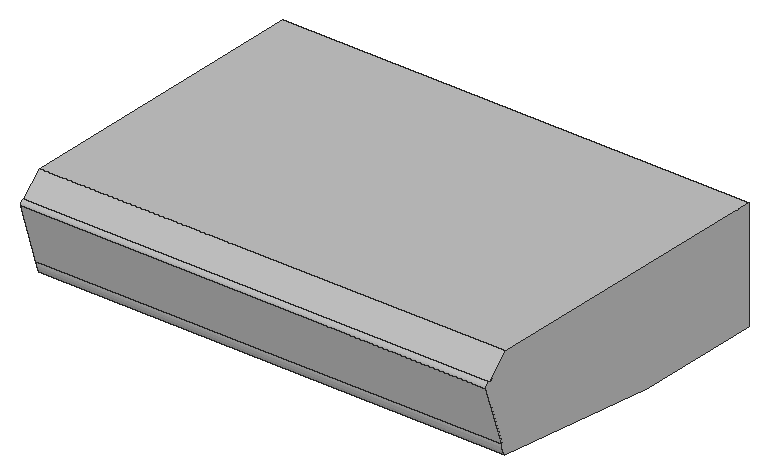
Revit family
Parameters (values of type "PCFY-P15NKMU-E")
  Width = 37 13/16"
  URL = ""
  Supply Air Height = 6 1/16"
  Subcategory = "HVAC"  # constant formula
  Standard attachment document = "Installation Manual, Instruction Book"  # constant formula
  Specification URL = "http://www.mrslim.com/customerCare/resources.asp"
  Sound Pressure Levels (dB(A)) = "29-32-34-36"
  SmartBIM Object Version = 3  # constant formula
  SmartBIM Object Created By = "Reed Construction Data"  # constant formula
  Return Air Width = Width - 0.94488"  # 36.86762"
  Return Air Height = 9 85/256"
  Refrigerant control device = "LEV"  # constant formula
  Refrigerant Pipe Connection Radius = 25/128"
  Refrigerant In Radius = 11 13/16"
  Refirigerant Pipe diameter (Liquid) = "1/4\""
  Protection device = "Fuse"  # constant formula
  Optional parts wireless remote controller kit with i-see sensor = "PAR-SA92MW-E"  # constant formula
  Optional parts wireless remote controller kit = "PAR-SL93B-E"  # constant formula
  Optional parts i-see sensor = "PAC-SH91MK-E"  # constant formula
  Optional parts high efficiency filter = "PAC-SH88KF-E"
  Optional parts external heater adapter = "PAC-YU25HT"  # constant formula
  Optional parts drain pump kit = "PAC-SH83DM-E"  # constant formula
  Nominal Heating Capacity Current Input = "0.35 A"
  Nominal Cooling Capacity Current Input = "0.35 A"
  Nominal (kW) = "5.0"
  Unit Weight (LBS) = "53"
  Motor Type = "DC Motor"  # constant formula
  Motor Output = "0.090 kW"
  Manufacturer URL = "http://www.mrslim.com/customerCare/resources.asp"
  MCA = "0.44"
  Installation URL = "http://www.mrslim.com/customerCare/resources.asp"
  Heating Capacity (BTU) = "17,000"
  Heat Exchanger = "Cross Fin (Aluminum Fin And Copper Tube)"  # constant formula
  Field drain pipe size = "O. D. 1\" / 26mm"
  Fan (Type x Quantity) = "Sirocco Fan x 2"
  Driving Mechanism = "Direct Drive"  # constant formula
  Left Drainage Pipe Connection Radius = 131/256"
  Knock Out Hole Radius For Wiring Arrangement = 101/256"
  Knock Out Hole Radius For Fresh Air Intake = 1 23/128"
  Height = 9 1/16"  # constant formula
  Power Source = "208/230, 1, 60"  # constant formula
  Power Input (kW) = "4.4"
  Drainage Pipe Connection Radius = 131/256"
  Refirigerant Pipe diameter (Gas) = "1/2\""
  Description = "Ceiling Suspended"
  Depth = 26 3/4"  # constant formula
  Model = "PCFY-P15NKMU-E"
  Manufacturer = "Mitsubishi Electric"  # constant formula
  External Material = Plastic-Munsell
  Default Elevation = 48"
  Nominal Heating Capacity Power Input = "0.03 kW"
  Current Input (A) = "35"
  Nominal Cooling Capacity Power Input = "0.03 kW"
  Cooling Capacity (BTU) = "15,000"
  Connectable outdoor unit = "R410A, R22 CITY MULTI"  # constant formula
  Assembly Code = "D3050200"
  Air Outlet Unit Material = Plastic Gray
  Air Intlet Unit Material = Grille
  Fan capacity (CFM) = "353-388-424-459"
  Air Filter = "PP Honeycomb (Long Life)"  # constant formula
  95 CSI = "15760"  # constant formula
  04 CSI = "23 82 19"  # constant formula
Types (4): name | Width | Supply Air Height | Sound Pressure Levels (dB(A)) | Return Air Width | Refrigerant In Radius | Refirigerant Pipe diameter (Liquid) | Optional parts high efficiency filter | Nominal Heating Capacity Current Input | Nominal Cooling Capacity Current Input | Nominal (kW) | Unit Weight (LBS) | Motor Output | MCA | Heating Capacity (BTU) | Fan (Type x Quantity) | Power Input (kW) | Refirigerant Pipe diameter (Gas) | Model | Nominal Heating Capacity Power Input | Current Input (A) | Nominal Cooling Capacity Power Input | Cooling Capacity (BTU) | Fan capacity (CFM)
  PCFY-P15NKMU-E | 37 13/16" | 6 1/16" | "29-32-34-36" | 36.86762" | 11 13/16" | "1/4\"" | "PAC-SH88KF-E" | "0.35 A" | "0.35 A" | "5.0" | "53" | "0.090 kW" | "0.44" | "17,000" | "Sirocco Fan x 2" | "4.4" | "1/2\"" | "PCFY-P15NKMU-E" | "0.03 kW" | "35" | "0.03 kW" | "15,000" | "353-388-424-459"
  PCFY-P24NKMU-E | 50 3/8" | 7 29/128" | "31-33-35-37" | 49.43012" | 1/4" | "3/8\"" | "PAC-SH89KF-E" | "0.41 A" | "0.41 A" | "7.9" | "71" | "0.095 kW" | "0.52" | "27,000" | "Sirocco Fan x 3" | "7.0" | "5/8\"" | "PCFY-P24NKMU-E" | "0.04 kW" | "41" | "0.04 kW" | "24,000" | "424-494-565-636"
  PCFY-P30NKMU-E | 63" | 7 29/128" | "34-37-40-43" | 62.05512" | 11 13/16" | "3/8\"" | "PAC-SH90KF-E" | "0.83 A" | "0.83 A" | "10" | "79" | "0.160 kW" | "1.22" | "34,000" | "Sirocco Fan x 4" | "8.8" | "5/8\"" | "PCFY-P30NKMU-E" | "0.09 kW" | "83" | "0.09 kW" | "30,000" | "703-777-883-989"
  PCFY-P36NKMU-E | 63" | 7 29/128" | "36-39-42-44" | 62.05512" | 11 13/16" | "3/8\"" | "PAC-SH90KF-E" | "0.97 A" | "0.97 A" | "11.7" | "84" | "0.160 kW" | "1.22" | "40,000" | "Sirocco Fan x 4" | "10.6" | "5/8\"" | "PCFY-P36NKMU-E" | "0.11 kW" | "97" | "0.11 kW" | "36,000" | "742-847-953-1095"
Reference planes (in)
  plane 1: z = 0
  plane 2: y = -0.896
  plane 3 "Center (Left/Right)": x = 28.94232
  plane 4: x = 10.03607
  plane 5: x = 47.84857
  plane 6 "Top": z = 9.0676
  plane 7: y = -27.646
  plane 8 "B": z = 8.5676
  plane 9: z = 0.51181
  plane 10: x = 10.50851
  plane 11: x = 47.37613
  plane 12: y = -1.36844
  plane 13: y = -10.70047
  plane 14: z = 9.73291
  plane 15: z = 2.5051
  plane 16: z = 9.73291
  plane 17: z = 9.18122
  plane 18: x = 42.2494
  plane 19: y = -1.76214
  plane 20: y = -7.54954
  plane 21: x = 46.97381
Forms (in)
  Extrusion 1, solid, material "Plastic-Munsell" <- "External Material"
    sketch origin (28.94232, -22.74458, 48) x (0, -1, 0) y (0, 0, 1)
      loop
        line (-21.84858, -38.9324) -> (-21.84858, -48) -> (-11.58416, -48)
        arc (-11.58416, -48) -> (-4.32603, -47.48446) -> (2.87214, -46.42028) r 95.93229
        arc (2.87214, -46.42028) -> (3.09783, -45.97872) -> (3.20878, -45.49539) r 2.01403
        line (3.20878, -45.49539) -> (4.79909, -40.75921)
        arc (4.79909, -40.75921) -> (4.68607, -40.50982) -> (4.42622, -40.42348) r 0.3417
        line (4.42622, -40.42348) -> (2.77021, -38.9324) -> (-21.84858, -38.9324)
    from -18.90625 to 18.90625
  Extrusion 2, void
    sketch origin (0, 0, 0) x (1, 0, 0) y (0, 1, 0)
      loop
        line (10.50851, -1.36844) -> (10.50851, -10.70047) -> (47.37613, -10.70047) -> (47.37613, -1.36844) -> (10.50851, -1.36844)
    from 0 to 8.5676
  Extrusion 3, solid, material "Plastic-Munsell" <- "External Material"
    sketch origin (0, -0.896, 48) x (1, 0, 0) y (0, 0, 1)
      loop
        circle (15.46913, -45.26338) r 0.51172
      loop
        circle (13.44795, -42.92585) r 0.19531
      loop
        circle (20.28169, -42.05436) r 1.17969
      loop
        circle (44.91669, -45.1059) r 0.51172
      loop
        circle (16.79441, -42.92585) r 0.25
      loop
        spline (22.43764, -46.54331) -> (22.3974, -46.42103) -> (22.2794, -46.30709) -> (22.0917, -46.20924) -> (21.84709, -46.13416) -> (21.56223, -46.08696) -> (21.25654, -46.07087) -> (20.95085, -46.08696) -> (20.66599, -46.13416) -> (20.42137, -46.20924) -> (20.23367, -46.30709) -> (20.11568, -46.42103) -> (20.07544, -46.54331)
        spline (20.07544, -46.54331) -> (20.11568, -46.66558) -> (20.23367, -46.77953) -> (20.42137, -46.87737) -> (20.66599, -46.95245) -> (20.95085, -46.99965) -> (21.25654, -47.01575) -> (21.56223, -46.99965) -> (21.84709, -46.95245) -> (22.0917, -46.87737) -> (22.2794, -46.77953) -> (22.3974, -46.66558) -> (22.43764, -46.54331)
    from -0.51181 to 0
  Extrusion 4, solid, material "Grille" <- "Air Intlet Unit Material"
    sketch origin (28.94232, -22.74458, 48) x (0, -1, 0) y (0, 0, 1)
      loop
        line (-21.37614, -47.48819) -> (-21.37614, -48) -> (-12.0441, -48) -> (-12.0441, -47.48819) -> (-21.37614, -47.48819)
    from -18.43381 to 18.43381
Cuts and joins
  Extrusion 2 cuts Extrusion 1
  joined: Extrusion 1, Extrusion 3
Dimensions and locks (in)
  equal spacing: plane 4, plane 3 "Center (Left/Right)", plane 5
  "Width": plane 4 to plane 5
  plane 6 "Top" to level = 9.0676"
  "Depth": plane 2 to plane 7
  locked: plane 6 "Top" to plane 8 "B" at 0.5
  locked: plane 9 to level at 0.51181
  locked: plane 4 to plane 10 at 0.47244
  locked: plane 11 to plane 5 at 0.47244
  locked: plane 12 to plane 2 at 0.47244
  "Return Air Height": plane 12 to plane 13
  locked: Extrusion 3 to Extrusion 3 at 0.51181
  "Supply Air Height": plane 8 "B" to plane 15
  "Drainage Pipe Connection Radius": radius of Extrusion 3 sketch curve
  "Refrigerant Pipe Connection Radius": radius of Extrusion 3 sketch curve
  "Knock Out Hole Radius For Fresh Air Intake": radius of Extrusion 3 sketch curve
  "Left Drainage Pipe Connection Radius": radius of Extrusion 3 sketch curve
  aligned and locked: plane 1 to level
  aligned and locked: Extrusion 1 sketch curve to plane 2
  aligned and locked: Extrusion 1 sketch curve to plane 6 "Top"
  aligned and locked: Extrusion 1 sketch curve to level
  aligned and locked: plane 4 to Extrusion 1
  aligned and locked: plane 5 to Extrusion 1
  aligned and locked: plane 6 "Top" to Extrusion 1 sketch curve
  aligned and locked: plane 10 to Extrusion 2 sketch curve
  aligned and locked: Extrusion 2 sketch curve to plane 12
  aligned and locked: plane 13 to Extrusion 2 sketch curve
  aligned and locked: plane 11 to Extrusion 2 sketch curve
  aligned and locked: Extrusion 2 to level
  aligned and locked: plane 8 "B" to Extrusion 2
  aligned and locked: plane 2 to Extrusion 3
  aligned and locked: plane 12 to Extrusion 4 sketch curve
  aligned and locked: Extrusion 4 sketch curve to plane 9
  aligned and locked: Extrusion 4 sketch curve to cut or joined group of Extrusion 1, Extrusion 2, Extrusion 3  (x2)
  aligned and locked: Extrusion 4 to plane 10
  aligned and locked: Extrusion 4 to plane 11
Automatic sketch dimensions
  plane 2 to Extrusion 1 sketch curve = 7 13/128"
  plane 2 to Extrusion 1 sketch curve = 10.26441"
  Extrusion 1 sketch curve to plane 7 = 3.69616"
  Extrusion 1 sketch curve to plane 7 = 2.13121"
  plane 9 to Extrusion 1 sketch curve = 1.06791"
  Extrusion 1 sketch curve to Extrusion 1 sketch curve = 1.66688"
  Extrusion 1 sketch curve to Extrusion 1 sketch curve = 0.33663"
  Extrusion 1 sketch curve to plane 7 = 0.4752"
  Extrusion 1 sketch curve to Extrusion 1 sketch curve = 0.0312"
  Extrusion 1 sketch curve to plane 7 = 0.10233"
  Extrusion 1 sketch curve to Extrusion 1 sketch curve = 0.92489"
  Extrusion 1 sketch curve to plane 8 "B" = 1.33136"
  Extrusion 1 sketch curve to Extrusion 1 sketch curve = 0.00454"
  plane 9 to Extrusion 3 sketch curve = 0.94488"
  plane 10 to Extrusion 3 sketch curve = 2.93945"
  Extrusion 3 sketch curve to plane 15 = 0.23152"
  Extrusion 3 sketch curve to Extrusion 3 sketch curve = 2.02118"
  Extrusion 3 sketch curve to Extrusion 3 sketch curve = 1.32528"
  Extrusion 3 sketch curve to plane 15 = 3.44054"
  Extrusion 3 sketch curve to Extrusion 3 sketch curve = 3.48728"
  Extrusion 3 sketch curve to Extrusion 3 sketch curve = 0.97485"
  Extrusion 3 sketch curve to Extrusion 3 sketch curve = 1.1811"
  Extrusion 3 sketch curve to plane 15 = 0.389"
  Extrusion 3 sketch curve to plane 21 = 2.05712"
  Extrusion 3 sketch curve to plane 15 = 2.56905"  (x2)
  radius of Extrusion 3 sketch curve = 1/4"
Connectors (in)
  piping at (15.46913, -0.38419, 2.73662), driven by "Drainage Pipe Connection Radius"
    settings: on cut or joined group of Extrusion 1, Extrusion 2, Extrusion 3, index 1
  piping at (13.44795, -0.38419, 5.07415), driven by "Refrigerant Pipe Connection Radius"
    settings: on cut or joined group of Extrusion 1, Extrusion 2, Extrusion 3, index 2
  piping at (20.28169, -0.38419, 5.94564), driven by "Knock Out Hole Radius For Fresh Air Intake"
    settings: on cut or joined group of Extrusion 1, Extrusion 2, Extrusion 3, index 3
  piping at (44.91669, -0.38419, 2.8941), driven by "Drainage Pipe Connection Radius"
    settings: on cut or joined group of Extrusion 1, Extrusion 2, Extrusion 3, index 5
  hvac at (28.94232, -6.03446, 0), driven by "Return Air Width", driven by "Return Air Height"
    settings: on cut or joined group of Extrusion 1, Extrusion 2, Extrusion 3, index 7
  hvac at (28.94232, -26.74851, 4.8727), driven by "Width", driven by "Supply Air Height"
    settings: on cut or joined group of Extrusion 1, Extrusion 2, Extrusion 3, index 8
  piping at (16.79441, -0.38419, 5.07415), driven by "Refrigerant In Radius"
    settings: on cut or joined group of Extrusion 1, Extrusion 2, Extrusion 3, index 10
  electrical at (21.25654, -0.38419, 1.45669)
    settings: on cut or joined group of Extrusion 1, Extrusion 2, Extrusion 3, index 11
